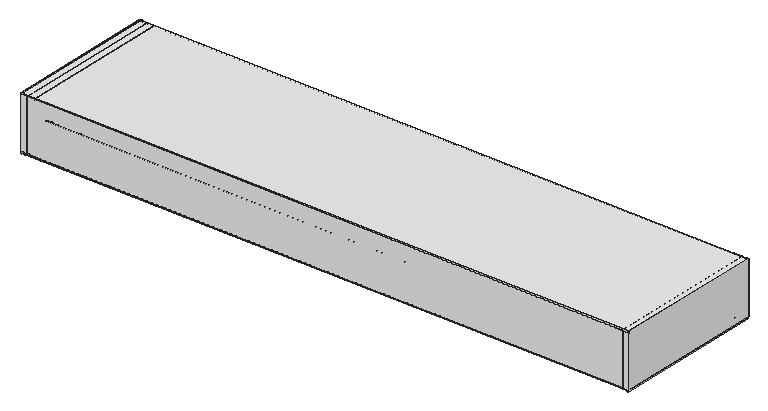
Revit family "LSTP 1x4", category Lighting Fixtures, host Ceiling, Revit 2019
Family settings
  Host = Ceiling
  Round Connector Dimension = Use Diameter
  Part Type = Normal
  OmniClass Number = 23.80.70.11.14.17
  OmniClass Title = Direct/Indirect
  Always vertical = Yes
  Cut with Voids When Loaded = No
  Light Source = Yes
  Shared = No
  Room Calculation Point = No
Parameters (values of type "LSTP1x4-LED840K050LUNV")
  Width = 0' - 11 3/4"
  Wattage = 39 W
  built-in parameter 1150110 = 1 (stored number, unit not read)
  Voltage = 120 V
  URL = "https://www.viscor.com/en/products/lstp"
  built-in parameter 1114217 = 0.9 (stored number, unit not read)
  Tilt Angle = 90.00°
  built-in parameter 1150109 = 1 (stored number, unit not read)
  built-in parameter 1150134 = 12
  built-in parameter 1150113 = 1 (stored number, unit not read)
  Reflector Width = Width / 2  # 0' - 5 7/8"
  Photometric Web File = "LSTP1X4-LED840K050LUNV.IES"
  Model = "LSTP"  # constant formula
  Manufacturer = "VISIONEERING by VISCOR"  # constant formula
  Lumens = 4992 lm
  built-in parameter 1150115 = 1 (stored number, unit not read)
  built-in parameter 1150105 = 397.25 (stored number, unit not read)
  built-in parameter 1150137 = (empty or 0)
  built-in parameter 1150139 = (empty or 0)
  Lens Finish = Polycarbonate - Viscor - Frosted Curved
  Length = 3' - 11 3/4"
  Lamp Wattage = 39 VA
  built-in parameter 1150112 = 1 (stored number, unit not read)
  built-in parameter 1150114 = 1 (stored number, unit not read)
  Lamp = "LED"  # constant formula
  built-in parameter 1150132 = (empty or 0)
  built-in parameter 1150102 = (empty or 0)
  built-in parameter 1150138 = (empty or 0)
  built-in parameter 1150107 = 4000 (stored number, unit not read)
  built-in parameter 1150106 = 3.9725 (stored number, unit not read)
  Housing Finish = Metal - Viscor - White
  Emit from Rectangle Width = Width  # 0' - 11 3/4"
  Emit from Rectangle Length = Length  # 3' - 11 3/4"
  Emit Shape Visible in Rendering = no
  built-in parameter 1150104 = 11.892 (stored number, unit not read)
  Dimming Lamp Color Temperature Shift = <None>
  Description = "LED Surface  Type P"  # constant formula
  Color Filter = 16777215
  built-in parameter 1114218 = 1 (stored number, unit not read)
  built-in parameter 1150133 = 10 (stored number, unit not read)
  Assembly Code = "D5020200"
  Apparent Load = Lamp Wattage  # 39 VA
Types (4): name | Wattage | Photometric Web File | Lumens | built-in parameter 1150105 | Lamp Wattage | built-in parameter 1150106 | built-in parameter 1150104 | Apparent Load
  (no name) | 39 W | "LSTP1X4-LED840K050LUNV.IES" | 4992 lm | 397.25 (stored number, unit not read) | 39 VA | 3.9725 (stored number, unit not read) | 11.892 (stored number, unit not read) | 39 VA
  LSTP1x4-LED840K035LUNV | 29 W | "LSTP1X4-LED840K035LUNV.IES" | 3567 lm | 283.85 (stored number, unit not read) | 29 VA | 2.8385 (stored number, unit not read) | 11.427 (stored number, unit not read) | 29 VA
  LSTP1x4-LED840K040LUNV | 31 W | "LSTP1X4-LED840K040LUNV.IES" | 4061 lm | 323.16 (stored number, unit not read) | 31 VA | 3.2316 (stored number, unit not read) | 12.17 (stored number, unit not read) | 31 VA
  LSTP1x4-LED840K050LUNV | 39 W | "LSTP1X4-LED840K050LUNV.IES" | 4992 lm | 397.25 (stored number, unit not read) | 39 VA | 3.9725 (stored number, unit not read) | 11.892 (stored number, unit not read) | 39 VA
Reference planes (in)
  plane 1 "Light Source Axis (F/B)": y = 0
  plane 2 "Ceiling": z = 96
  plane 3 "Light Source Axis (L/R)": x = 0
  plane 4 "Light Source Elevation": z = 91.64062
  plane 5: y = 5.875
  plane 6: y = -5.875
  plane 7: x = -23.875
  plane 8: x = 23.875
  plane 9: x = -23.8125
  plane 10: x = 23.8125
  plane 11: x = -23.375
  plane 12: x = 23.375
  plane 13: y = 5.375
  plane 14: y = -5.375
  plane 15: y = 5.844
  plane 16: y = -5.844
Forms (in)
  Extrusion 1, void
    sketch origin (0, 0, 96) x (1, 0, 0) y (0, 1, 0)
      loop
        line (-23.875, -5.875) -> (23.875, -5.875) -> (23.875, 5.875) -> (-23.875, 5.875) -> (-23.875, -5.875)
    from -4.72389 to 0.25352
  Extrusion 2, solid, material "Metal - Viscor - White" <- "Housing Finish"
    sketch origin (0, 0, 0) x (0, 1, 0) y (0, 0, 1)
      loop
        line (5.81723, 96) -> (-5.81277, 96)
        arc (-5.81277, 96) -> (-5.85519, 95.98243) -> (-5.87277, 95.94) r 0.06
        line (-5.87277, 95.94) -> (-5.87277, 91.845)
        arc (-5.87277, 91.845) -> (-5.85519, 91.80257) -> (-5.81277, 91.785) r 0.06
        line (-5.81277, 91.785) -> (-5.37277, 91.785) -> (-5.37277, 91.81625) -> (-5.81277, 91.81625)
        arc (-5.81277, 91.81625) -> (-5.8331, 91.82467) -> (-5.84152, 91.845) r 0.02875
        line (-5.84152, 91.845) -> (-5.84152, 95.94)
        arc (-5.84152, 95.94) -> (-5.8331, 95.96033) -> (-5.81277, 95.96875) r 0.02875
        line (-5.81277, 95.96875) -> (5.81723, 95.96875)
        arc (5.81723, 95.96875) -> (5.83756, 95.96033) -> (5.84598, 95.94) r 0.02875
        line (5.84598, 95.94) -> (5.84598, 91.845)
        arc (5.84598, 91.845) -> (5.83756, 91.82467) -> (5.81723, 91.81625) r 0.02875
        line (5.81723, 91.81625) -> (5.37723, 91.81625) -> (5.37723, 91.785) -> (5.81723, 91.785)
        arc (5.81723, 91.785) -> (5.85966, 91.80257) -> (5.87723, 91.845) r 0.06
        line (5.87723, 91.845) -> (5.87723, 95.94)
        arc (5.87723, 95.94) -> (5.85966, 95.98243) -> (5.81723, 96) r 0.06
    from -23.875 to 23.875
  Extrusion 3, solid, material "Metal - Viscor - White" <- "Housing Finish"
    sketch origin (0, 0, 0) x (0, 1, 0) y (0, 0, 1)
      loop
        arc (5.84598, 95.9375) -> (5.82768, 95.98169) -> (5.78348, 96) r 0.0625
        line (5.78348, 96) -> (-5.77902, 96)
        arc (-5.77902, 96) -> (-5.82321, 95.98169) -> (-5.84152, 95.9375) r 0.0625
        line (-5.84152, 95.9375) -> (-5.84152, 91.75) -> (5.84598, 91.75) -> (5.84598, 95.9375)
    from -23.875 to -23.8125
  Extrusion 4, solid, material "Metal - Viscor - White" <- "Housing Finish"
    sketch origin (0, 0, 0) x (0, 1, 0) y (0, 0, -1)
      loop
        line (5.84598, -95.9375) -> (5.84598, -91.75) -> (-5.84152, -91.75) -> (-5.84152, -95.9375)
        arc (-5.84152, -95.9375) -> (-5.82321, -95.98169) -> (-5.77902, -96) r 0.0625
        line (-5.77902, -96) -> (5.78348, -96)
        arc (5.78348, -96) -> (5.82768, -95.98169) -> (5.84598, -95.9375) r 0.0625
    from -23.875 to -23.8125
  Extrusion 5, solid, material "Metal - Viscor - White" <- "Housing Finish"
    sketch origin (0, 0, 0) x (1, 0, 0) y (0, 0, 1)
      loop
        line (-23.835, 92.03) -> (-23.835, 91.833)
        arc (-23.835, 91.833) -> (-23.81948, 91.79552) -> (-23.782, 91.78) r 0.053
        line (-23.782, 91.78) -> (-23.428, 91.78)
        arc (-23.428, 91.78) -> (-23.39052, 91.79552) -> (-23.375, 91.833) r 0.053
        line (-23.375, 91.833) -> (-23.375, 95.905)
        arc (-23.375, 95.905) -> (-23.36621, 95.92621) -> (-23.345, 95.935) r 0.03
        line (-23.345, 95.935) -> (-22.75, 95.935) -> (-22.75, 95.96625) -> (-23.345, 95.96625)
        arc (-23.345, 95.96625) -> (-23.38831, 95.94831) -> (-23.40625, 95.905) r 0.06125
        line (-23.40625, 95.905) -> (-23.40625, 91.833)
        arc (-23.40625, 91.833) -> (-23.41262, 91.81762) -> (-23.428, 91.81125) r 0.02175
        line (-23.428, 91.81125) -> (-23.782, 91.81125)
        arc (-23.782, 91.81125) -> (-23.79738, 91.81762) -> (-23.80375, 91.833) r 0.02175
        line (-23.80375, 91.833) -> (-23.80375, 92.03) -> (-23.835, 92.03)
    from -5.844 to 5.844
  Extrusion 6, solid, material "Metal - Viscor - White" <- "Housing Finish"
    sketch origin (0, 0, 0) x (-1, 0, 0) y (0, 0, -1)
      loop
        line (-23.835, -92.03) -> (-23.80375, -92.03) -> (-23.80375, -91.833)
        arc (-23.80375, -91.833) -> (-23.79738, -91.81762) -> (-23.782, -91.81125) r 0.02175
        line (-23.782, -91.81125) -> (-23.428, -91.81125)
        arc (-23.428, -91.81125) -> (-23.41262, -91.81762) -> (-23.40625, -91.833) r 0.02175
        line (-23.40625, -91.833) -> (-23.40625, -95.905)
        arc (-23.40625, -95.905) -> (-23.38831, -95.94831) -> (-23.345, -95.96625) r 0.06125
        line (-23.345, -95.96625) -> (-22.75, -95.96625) -> (-22.75, -95.935) -> (-23.345, -95.935)
        arc (-23.345, -95.935) -> (-23.36621, -95.92621) -> (-23.375, -95.905) r 0.03
        line (-23.375, -95.905) -> (-23.375, -91.833)
        arc (-23.375, -91.833) -> (-23.39052, -91.79552) -> (-23.428, -91.78) r 0.053
        line (-23.428, -91.78) -> (-23.782, -91.78)
        arc (-23.782, -91.78) -> (-23.81948, -91.79552) -> (-23.835, -91.833) r 0.053
        line (-23.835, -91.833) -> (-23.835, -92.03)
    from -5.844 to 5.844
  Extrusion 7, solid, material "Metal - Viscor - White" <- "Housing Finish"
    sketch origin (0, 0, 0) x (0, 1, 0) y (0, 0, 1)
      loop
        line (5.844, 92.191) -> (5.81275, 92.191) -> (5.81275, 91.878)
        arc (5.81275, 91.878) -> (5.80374, 91.85626) -> (5.782, 91.84725) r 0.03075
        line (5.782, 91.84725) -> (5.3848, 91.84725) -> (3.61207, 93.0798)
        arc (3.61207, 93.0798) -> (3.59889, 93.10607) -> (3.61378, 93.13141) r 0.03075
        line (3.61378, 93.13141) -> (4.03024, 93.38164)
        arc (4.03024, 93.38164) -> (4.06207, 93.42427) -> (4.0549, 93.47698) r 0.07025
        line (4.0549, 93.47698) -> (3.22632, 94.91212)
        arc (3.22632, 94.91212) -> (3.20061, 94.93784) -> (3.16548, 94.94725) r 0.07025
        line (3.16548, 94.94725) -> (2.688, 94.94725) -> (2.688, 94.916) -> (3.16548, 94.916)
        arc (3.16548, 94.916) -> (3.18498, 94.91077) -> (3.19926, 94.8965) r 0.039
        line (3.19926, 94.8965) -> (4.02784, 93.46136)
        arc (4.02784, 93.46136) -> (4.03182, 93.43209) -> (4.01415, 93.40843) r 0.039
        line (4.01415, 93.40843) -> (3.59769, 93.15819)
        arc (3.59769, 93.15819) -> (3.56766, 93.10711) -> (3.59423, 93.05415) r 0.062
        line (3.59423, 93.05415) -> (5.35904, 91.8271)
        arc (5.35904, 91.8271) -> (5.37589, 91.81884) -> (5.39444, 91.816) r 0.062
        line (5.39444, 91.816) -> (5.782, 91.816)
        arc (5.782, 91.816) -> (5.82584, 91.83416) -> (5.844, 91.878) r 0.062
        line (5.844, 91.878) -> (5.844, 92.191)
    from -23.375 to 23.375
  Extrusion 8, solid, material "Metal - Viscor - White" <- "Housing Finish"
    sketch origin (0, 0, 0) x (0, -1, 0) y (0, 0, -1)
      loop
        line (5.844, -92.191) -> (5.844, -91.878)
        arc (5.844, -91.878) -> (5.82584, -91.83416) -> (5.782, -91.816) r 0.062
        line (5.782, -91.816) -> (5.39444, -91.816)
        arc (5.39444, -91.816) -> (5.37589, -91.81884) -> (5.35904, -91.8271) r 0.062
        line (5.35904, -91.8271) -> (3.59423, -93.05415)
        arc (3.59423, -93.05415) -> (3.56766, -93.10711) -> (3.59769, -93.15819) r 0.062
        line (3.59769, -93.15819) -> (4.01415, -93.40843)
        arc (4.01415, -93.40843) -> (4.03182, -93.43209) -> (4.02784, -93.46136) r 0.039
        line (4.02784, -93.46136) -> (3.19926, -94.8965)
        arc (3.19926, -94.8965) -> (3.18498, -94.91077) -> (3.16548, -94.916) r 0.039
        line (3.16548, -94.916) -> (2.688, -94.916) -> (2.688, -94.94725) -> (3.16548, -94.94725)
        arc (3.16548, -94.94725) -> (3.20061, -94.93784) -> (3.22632, -94.91212) r 0.07025
        line (3.22632, -94.91212) -> (4.0549, -93.47698)
        arc (4.0549, -93.47698) -> (4.06207, -93.42427) -> (4.03024, -93.38164) r 0.07025
        line (4.03024, -93.38164) -> (3.61378, -93.13141)
        arc (3.61378, -93.13141) -> (3.59889, -93.10607) -> (3.61207, -93.0798) r 0.03075
        line (3.61207, -93.0798) -> (5.3848, -91.84725) -> (5.782, -91.84725)
        arc (5.782, -91.84725) -> (5.80374, -91.85626) -> (5.81275, -91.878) r 0.03075
        line (5.81275, -91.878) -> (5.81275, -92.191) -> (5.844, -92.191)
    from -23.375 to 23.375
  Extrusion 9, solid, material "Polycarbonate - Viscor - Frosted Curved" <- "Lens Finish"
    sketch origin (0, 0, 0) x (0, 1, 0) y (0, 0, 1)
      loop
        line (4.01314, 93.43984) -> (3.98942, 93.47205)
        arc (3.98942, 93.47205) -> (0, 92.162) -> (-3.98942, 93.47205) r 6.72939
        line (-3.98942, 93.47205) -> (-4.01314, 93.43984)
        arc (-4.01314, 93.43984) -> (0, 92.122) -> (4.01314, 93.43984) r 6.76939
    from -23.375 to 23.375
Dimensions and locks (in)
  equal spacing: host sketch curve, plane 3 "Light Source Axis (L/R)", host sketch curve
  equal spacing: host sketch curve, plane 1 "Light Source Axis (F/B)", host sketch curve
  host sketch curve to host sketch curve = 10' - 0"  (x2)
  equal spacing: plane 7, plane 3 "Light Source Axis (L/R)", plane 8
  "Length": plane 7 to plane 8
  equal spacing: plane 5, plane 1 "Light Source Axis (F/B)", plane 6
  "Width": plane 5 to plane 6
  plane 4 "Light Source Elevation" to plane 2 "Ceiling" = 0' - 4 23/64"
  locked: plane 7 to plane 9 at 0.0625
  locked: plane 10 to plane 8 at 0.0625
  locked: plane 7 to plane 11 at 0.5
  locked: plane 12 to plane 8 at 0.5
  locked: plane 5 to plane 13 at 0.5
  locked: plane 14 to plane 6 at 0.5
  locked: plane 5 to plane 15 at 0.031
  locked: plane 16 to plane 6 at 0.031
  aligned and locked: plane 3 "Light Source Axis (L/R)" to imposter light
  aligned and locked: plane 1 "Light Source Axis (F/B)" to imposter light
  aligned and locked: plane 4 "Light Source Elevation" to imposter light
  aligned and locked: Extrusion 1 to imposter light
  aligned and locked: Extrusion 1 to plane 7
  aligned and locked: plane 8 to Extrusion 1
  aligned and locked: Extrusion 2 to plane 7
  aligned and locked: plane 8 to Extrusion 2
  aligned and locked: Extrusion 3 to plane 7
  aligned and locked: plane 9 to Extrusion 3
  aligned and locked: plane 8 to Extrusion 4
  aligned and locked: Extrusion 4 to plane 10
  aligned and locked: Extrusion 5 to plane 16
  aligned and locked: plane 15 to Extrusion 5
  aligned and locked: Extrusion 6 to plane 16
  aligned and locked: plane 15 to Extrusion 6
  aligned and locked: Extrusion 7 to plane 11
  aligned and locked: plane 12 to Extrusion 7
  aligned and locked: Extrusion 8 to plane 11
  aligned and locked: plane 12 to Extrusion 8
  aligned and locked: Extrusion 9 to plane 11
  aligned and locked: plane 12 to Extrusion 9
Automatic sketch dimensions
  Extrusion 1 sketch curve to plane 5 = 0' - 0"
  Extrusion 1 sketch curve to plane 7 = 0' - 0"
  Extrusion 1 sketch curve to plane 8 = 0' - 0"
  Extrusion 1 sketch curve to plane 6 = 0' - 0"
  Extrusion 2 sketch curve to Extrusion 2 sketch curve = 0' - 0"  (x8)
  Extrusion 2 sketch curve to plane 2 "Ceiling" = 0' - 0"
  plane 6 to Extrusion 2 sketch curve = 0' - 0.00223"
  plane 16 to Extrusion 2 sketch curve = 0' - 0.00248"
  plane 16 to Extrusion 2 sketch curve = 0' - 0 1/32"
  Extrusion 2 sketch curve to Extrusion 2 sketch curve = 0' - 0.02875"
  plane 14 to Extrusion 2 sketch curve = 0' - 0.00223"
  plane 13 to Extrusion 2 sketch curve = 0' - 0.00223"
  Extrusion 2 sketch curve to plane 15 = 0' - 0.02677"  (x2)
  plane 15 to Extrusion 2 sketch curve = 0' - 0.00198"
  Extrusion 2 sketch curve to plane 4 "Light Source Elevation" = 0' - 0.20437"  (x2)
  Extrusion 3 sketch curve to plane 2 "Ceiling" = 0' - 0"
  plane 16 to Extrusion 3 sketch curve = 0' - 0.00248"
  plane 16 to Extrusion 3 sketch curve = 0' - 0.06498"
  Extrusion 3 sketch curve to plane 15 = 0' - 0.06052"
  plane 15 to Extrusion 3 sketch curve = 0' - 0.00198"
  Extrusion 3 sketch curve to plane 4 "Light Source Elevation" = 0' - 0 7/64"
  Extrusion 4 sketch curve to plane 2 "Ceiling" = 0' - 0"
  plane 16 to Extrusion 4 sketch curve = 0' - 0.00248"
  plane 16 to Extrusion 4 sketch curve = 0' - 0.06498"
  Extrusion 4 sketch curve to plane 15 = 0' - 0.06052"
  plane 15 to Extrusion 4 sketch curve = 0' - 0.00198"
  Extrusion 4 sketch curve to plane 4 "Light Source Elevation" = 0' - 0 7/64"
  Extrusion 5 sketch curve to Extrusion 5 sketch curve = 0' - 0"  (x6)
  Extrusion 5 sketch curve to plane 11 = 0' - 0"
  Extrusion 5 sketch curve to Extrusion 5 sketch curve = 0' - 0 1/32"
  Extrusion 5 sketch curve to Extrusion 5 sketch curve = 0' - 0.02175"
  plane 9 to Extrusion 5 sketch curve = 0' - 0.0305"
  plane 9 to Extrusion 5 sketch curve = 0' - 0.00875"
  plane 11 to Extrusion 5 sketch curve = 0' - 0.03"
  Extrusion 5 sketch curve to plane 2 "Ceiling" = 0' - 0.065"
  Extrusion 5 sketch curve to Extrusion 5 sketch curve = 0' - 0.595"
  Extrusion 5 sketch curve to plane 4 "Light Source Elevation" = 0' - 0.38938"
  Extrusion 5 sketch curve to plane 4 "Light Source Elevation" = 0' - 0.19238"
  Extrusion 6 sketch curve to Extrusion 6 sketch curve = 0' - 0"  (x6)
  Extrusion 6 sketch curve to plane 12 = 0' - 0"
  Extrusion 6 sketch curve to plane 12 = 0' - 0 1/32"
  Extrusion 6 sketch curve to Extrusion 6 sketch curve = 0' - 0.02175"
  plane 10 to Extrusion 6 sketch curve = 0' - 0.0305"
  plane 10 to Extrusion 6 sketch curve = 0' - 0.00875"
  Extrusion 6 sketch curve to Extrusion 6 sketch curve = 0' - 0.03"
  plane 2 "Ceiling" to Extrusion 6 sketch curve = 0' - 0.065"
  Extrusion 6 sketch curve to Extrusion 6 sketch curve = 0' - 0.595"
  plane 4 "Light Source Elevation" to Extrusion 6 sketch curve = 0' - 0.38938"
  plane 4 "Light Source Elevation" to Extrusion 6 sketch curve = 0' - 0.19238"
  Extrusion 7 sketch curve to Extrusion 7 sketch curve = 0' - 0"  (x8)
  Extrusion 7 sketch curve to plane 15 = 0' - 0"
  Extrusion 7 sketch curve to Extrusion 7 sketch curve = 0' - 0 1/32"
  Extrusion 7 sketch curve to Extrusion 7 sketch curve = 0' - 0.03075"  (x2)
  plane 13 to Extrusion 7 sketch curve = 0' - 0.01944"
  plane 13 to Extrusion 7 sketch curve = 0' - 0.0098"
  Extrusion 7 sketch curve to plane 13 = 0' - 0.01596"
  Extrusion 7 sketch curve to plane 13 = 0' - 1.3201"
  Extrusion 7 sketch curve to Extrusion 7 sketch curve = 0' - 0.02466"
  Extrusion 7 sketch curve to Extrusion 7 sketch curve = 0' - 0.02706"  (x2)
  Extrusion 7 sketch curve to Extrusion 7 sketch curve = 0' - 0.01609"  (x2)
  Extrusion 7 sketch curve to Extrusion 7 sketch curve = 0' - 0.02009"
  Extrusion 7 sketch curve to Extrusion 7 sketch curve = 0' - 0.40062"
  Extrusion 7 sketch curve to Extrusion 7 sketch curve = 0' - 0.01584"
  Extrusion 7 sketch curve to Extrusion 7 sketch curve = 0' - 0.01755"
  Extrusion 7 sketch curve to Extrusion 7 sketch curve = 0' - 0.01784"
  Extrusion 7 sketch curve to plane 2 "Ceiling" = 0' - 1.08788"
  Extrusion 7 sketch curve to Extrusion 7 sketch curve = 0' - 0.82858"
  Extrusion 7 sketch curve to Extrusion 7 sketch curve = 0' - 0.03377"
  Extrusion 7 sketch curve to Extrusion 7 sketch curve = 0' - 0.47748"
  Extrusion 7 sketch curve to Extrusion 7 sketch curve = 0' - 0 1/64"  (x2)
  Extrusion 7 sketch curve to Extrusion 7 sketch curve = 0' - 0.0195"  (x2)
  Extrusion 7 sketch curve to Extrusion 7 sketch curve = 0' - 1.43514"
  Extrusion 7 sketch curve to Extrusion 7 sketch curve = 0' - 0.25023"
  Extrusion 7 sketch curve to Extrusion 7 sketch curve = 0' - 0.02679"
  Extrusion 7 sketch curve to Extrusion 7 sketch curve = 0' - 0.02636"
  Extrusion 7 sketch curve to plane 4 "Light Source Elevation" = 0' - 0.55038"
  Extrusion 7 sketch curve to plane 4 "Light Source Elevation" = 0' - 0.23738"
  Extrusion 8 sketch curve to Extrusion 8 sketch curve = 0' - 0"  (x8)
  Extrusion 8 sketch curve to plane 16 = 0' - 0"
  Extrusion 8 sketch curve to Extrusion 8 sketch curve = 0' - 0 1/32"
  Extrusion 8 sketch curve to Extrusion 8 sketch curve = 0' - 0.03075"  (x2)
  plane 14 to Extrusion 8 sketch curve = 0' - 0.01944"
  plane 14 to Extrusion 8 sketch curve = 0' - 0.0098"
  Extrusion 8 sketch curve to plane 14 = 0' - 0.01596"
  Extrusion 8 sketch curve to plane 14 = 0' - 1.3201"
  Extrusion 8 sketch curve to Extrusion 8 sketch curve = 0' - 0.02466"
  Extrusion 8 sketch curve to Extrusion 8 sketch curve = 0' - 0.02706"  (x2)
  Extrusion 8 sketch curve to Extrusion 8 sketch curve = 0' - 0.01609"  (x2)
  Extrusion 8 sketch curve to Extrusion 8 sketch curve = 0' - 0.02009"
  Extrusion 8 sketch curve to Extrusion 8 sketch curve = 0' - 0.40062"
  Extrusion 8 sketch curve to Extrusion 8 sketch curve = 0' - 0.01584"
  Extrusion 8 sketch curve to Extrusion 8 sketch curve = 0' - 0.01755"
  Extrusion 8 sketch curve to Extrusion 8 sketch curve = 0' - 0.01784"
  plane 2 "Ceiling" to Extrusion 8 sketch curve = 0' - 1.08788"
  Extrusion 8 sketch curve to Extrusion 8 sketch curve = 0' - 0.82858"
  Extrusion 8 sketch curve to Extrusion 8 sketch curve = 0' - 0.03377"
  Extrusion 8 sketch curve to Extrusion 8 sketch curve = 0' - 0.47748"
  Extrusion 8 sketch curve to Extrusion 8 sketch curve = 0' - 0 1/64"  (x2)
  Extrusion 8 sketch curve to Extrusion 8 sketch curve = 0' - 0.0195"  (x2)
  Extrusion 8 sketch curve to Extrusion 8 sketch curve = 0' - 1.43514"
  Extrusion 8 sketch curve to Extrusion 8 sketch curve = 0' - 0.25023"
  Extrusion 8 sketch curve to Extrusion 8 sketch curve = 0' - 0.02679"
  Extrusion 8 sketch curve to Extrusion 8 sketch curve = 0' - 0.02636"
  plane 4 "Light Source Elevation" to Extrusion 8 sketch curve = 0' - 0.55038"
  plane 4 "Light Source Elevation" to Extrusion 8 sketch curve = 0' - 0.23738"
  Extrusion 9 sketch curve to Extrusion 9 sketch curve = 0' - 0"  (x2)
  Extrusion 9 sketch curve to plane 1 "Light Source Axis (F/B)" = 0' - 0"
  plane 2 "Ceiling" to Extrusion 9 sketch curve = 0' - 2.89139"
  plane 14 to Extrusion 9 sketch curve = 0' - 1.38558"
  Extrusion 9 sketch curve to Extrusion 9 sketch curve = 0' - 0.02371"  (x2)
  Extrusion 9 sketch curve to plane 13 = 0' - 1.38558"
  Extrusion 9 sketch curve to plane 4 "Light Source Elevation" = 0' - 1.83143"
  Extrusion 9 sketch curve to Extrusion 9 sketch curve = 0' - 0.03221"
Connectors (in)
  electrical at (0, 0, 91.64062), driven by "Voltage", driven by "Apparent Load"
    settings: index 1, voltage 120 V, apparent load 0 VA, apparent load phase1 39 VA, apparent load phase2 0 VA, apparent load phase3 0 VA, power factor 1, load classification "Other", number of poles 1, system type 31, power factor state 1, is connector primary yes, connector utility no, sub classification motor no, connector description ""
